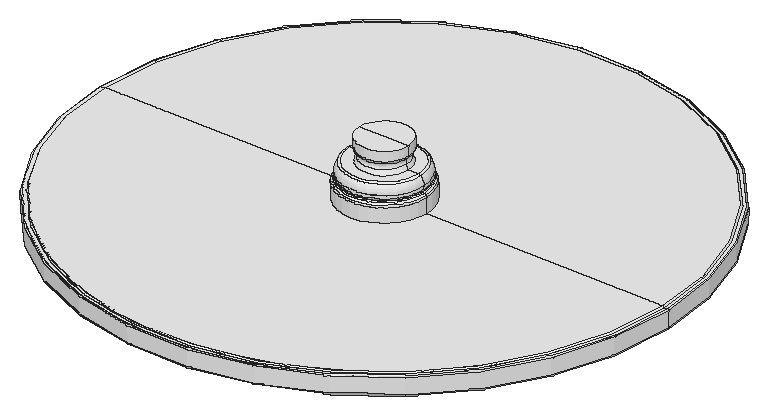
Revit family "Shower_Head-Grohe-Rainshower_Cosmopolitan_310-27478000", category Plumbing Fixtures, Revit 2014
Parameters
  cUPC Compliant = yes
  Width = 12 13/64"  # constant formula
  Waste Connection = no
  Warranty Documentation Link = "https://cdn.cloud.grohe.com/tpi/1000/1900/1940/1949/1949006/original/1949006.pdf"
  WFU = 4
  Vent Connection = no
  URL = "https://www.grohe.us/"
  Tempered Connection Radius = Tempered Connection Diameter / 2  # 1/4"
  Tempered Connection Diameter = Hot Water Connection Diameter  # 1/2"
  Product Page URL = "https://www.grohe.us/en_us/head-showers-shower-head-1-spray-27478000.html"
  Price = "Prices may vary. Please consult Manufacturer Representative for most up-to-date price list."  # constant formula
  Model = "27478000"
  Material = "Metal-Grohe-000-Chrome"
  Manufacturer = "Grohe"
  Hot Water Connection Radius = Hot Water Connection Diameter / 2  # 1/4"
  Hot Water Connection Diameter = Cold Water Connection Diameter  # 1/2"
  Height = 2 1/128"  # constant formula
  HWFU = 3
  HW Connection = yes
  Flow Rate = "2.0 gpm (7.6 L/min)"
  Finish = Metal-Grohe-000-Chrome
  Description = "Rainshower Cosmopolitan 310"  # constant formula
  Default Elevation = 0"
  Creation Date = "04/21/2017"  # constant formula
  Cold Water Connection Radius = Cold Water Connection Diameter / 2  # 1/4"
  Cold Water Connection Diameter = 1/2"  # constant formula
  CWFU = 3
  CW Connection = yes
  Assembly Code = "D2010710"
Reference planes (in)
  plane 1 "Center (Front/Back)": y = 0
  plane 2: z = 0
  plane 3 "Center (Left/Right)": x = 0
  plane 4: z = -2.00781
  plane 5: x = -6.10156
  plane 6: x = 6.10156
Forms (in)
  Revolve 1, solid, material "Metal-Grohe-000-Chrome" <- "Finish"
    sketch origin (0, 0, 0) x (1, 0, 0) y (0, 0, 1)
      loop
        line (0, 0) -> (-0.52362, 0) -> (-0.52362, -0.20081)
        arc (-0.52362, -0.20081) -> (-0.51928, -0.21847) -> (-0.50724, -0.23209) r 0.03804
        arc (-0.50724, -0.23209) -> (-0.46229, -0.29578) -> (-0.46898, -0.37345) r 0.11358
        line (-0.46898, -0.37345) -> (-0.51331, -0.4685) -> (-0.73877, -0.4685)
        arc (-0.73877, -0.4685) -> (-0.76306, -0.47392) -> (-0.78275, -0.48913) r 0.0572
        arc (-0.78275, -0.48913) -> (-0.83004, -0.57166) -> (-0.84646, -0.66535) r 0.27559
        line (-0.84646, -0.66535) -> (-0.84646, -0.73339)
        arc (-0.84646, -0.73339) -> (-0.83986, -0.74931) -> (-0.82394, -0.75591) r 0.02251
        line (-0.82394, -0.75591) -> (-0.70866, -0.75591) -> (-0.70866, -0.7874) -> (-0.82962, -0.7874)
        arc (-0.82962, -0.7874) -> (-0.84517, -0.7905) -> (-0.85836, -0.79931) r 0.04066
        line (-0.85836, -0.79931) -> (-0.89266, -0.8336)
        arc (-0.89266, -0.8336) -> (-0.90217, -0.84784) -> (-0.90551, -0.86464) r 0.04389
        line (-0.90551, -0.86464) -> (-0.90551, -1.16521) -> (-5.98017, -1.16521) -> (-6.00394, -1.18898) -> (-6.08152, -1.18898)
        arc (-6.08152, -1.18898) -> (-6.09567, -1.1949) -> (-6.10138, -1.20914) r 0.01986
        line (-6.10138, -1.20914) -> (-6.09611, -1.54631)
        arc (-6.09611, -1.54631) -> (-6.08982, -1.56101) -> (-6.07502, -1.56708) r 0.02109
        line (-6.07502, -1.56708) -> (-5.53932, -1.56708) -> (-5.53142, -1.71784)
        arc (-5.53142, -1.71784) -> (-5.5084, -1.77045) -> (-5.4564, -1.79481) r 0.08149
        arc (-5.4564, -1.79481) -> (-2.73028, -1.95454) -> (0, -2.00781) r 69.99363
        line (0, -2.00781) -> (0, 0)
      axis (0, 0) -> (0, -2.00781)
    angle from 0 to 360
Lines and regions (in)
  Masking region 1
    outline origin (0, 0, 0) x (1, 0, 0) y (0, 1, 0)
      loop
        circle (0, 0) r 6.11297
  symbolic lines, detail levels medium+fine
    curve 1: circle (0, 0, 0) r 0.51331 normal (0, 0, 1)
  symbolic lines, detail levels fine
    curve 2: circle (0, 0, 0) r 0.70866 normal (0, 0, 1)
    curve 3: circle (0, 0, 0) r 6.00394 normal (0, 0, 1)
    curve 4: circle (0, 0, 0) r 5.53932 normal (0, 0, 1)
Dimensions and locks (in)
  "Height": level to plane 4
  equal spacing: plane 6, plane 3 "Center (Left/Right)", plane 5
  "Width": plane 6 to plane 5
Automatic sketch dimensions
  Revolve 1 sketch curve to level = 0"
  Revolve 1 sketch curve to plane 3 "Center (Left/Right)" = 0"  (x2)
  Revolve 1 sketch curve to plane 4 = 0"
  Revolve 1 sketch curve to plane 3 "Center (Left/Right)" = 0.46898"
  Revolve 1 sketch curve to Revolve 1 sketch curve = 0.01659"
  Revolve 1 sketch curve to Revolve 1 sketch curve = 0.04432"
  Revolve 1 sketch curve to Revolve 1 sketch curve = 0.03804"
  Revolve 1 sketch curve to Revolve 1 sketch curve = 0.05756"
  Revolve 1 sketch curve to Revolve 1 sketch curve = 0.10294"
  Revolve 1 sketch curve to Revolve 1 sketch curve = 0.1378"
  Revolve 1 sketch curve to Revolve 1 sketch curve = 0.16685"
  Revolve 1 sketch curve to Revolve 1 sketch curve = 0.11528"
  Revolve 1 sketch curve to Revolve 1 sketch curve = 0.00567"
  Revolve 1 sketch curve to Revolve 1 sketch curve = 0.02251"
  Revolve 1 sketch curve to Revolve 1 sketch curve = 0.02875"  (x2)
  Revolve 1 sketch curve to Revolve 1 sketch curve = 0.032"
  Revolve 1 sketch curve to Revolve 1 sketch curve = 0.03104"
  Revolve 1 sketch curve to Revolve 1 sketch curve = 0.01286"
  plane 4 to Revolve 1 sketch curve = 0.29424"
  plane 5 to Revolve 1 sketch curve = 0.65152"
  Revolve 1 sketch curve to Revolve 1 sketch curve = 0.08138"
  Revolve 1 sketch curve to Revolve 1 sketch curve = 0.0079"
  plane 5 to Revolve 1 sketch curve = 0.12139"
  Revolve 1 sketch curve to Revolve 1 sketch curve = 0.02376"  (x2)
  plane 5 to Revolve 1 sketch curve = 0.02654"
  plane 5 to Revolve 1 sketch curve = 0.02004"
  plane 5 to Revolve 1 sketch curve = 0.00545"
  plane 5 to Revolve 1 sketch curve = 0.00019"
  Revolve 1 sketch curve to Revolve 1 sketch curve = 0.00426"
  Revolve 1 sketch curve to Revolve 1 sketch curve = 0.15076"
  Revolve 1 sketch curve to Revolve 1 sketch curve = 0.02076"
  Revolve 1 sketch curve to Revolve 1 sketch curve = 0.33717"
  Revolve 1 sketch curve to Revolve 1 sketch curve = 0.00031"
  Revolve 1 sketch curve to Revolve 1 sketch curve = 0.30057"
  Revolve 1 sketch curve to Revolve 1 sketch curve = 0.03658"
  Revolve 1 sketch curve to Revolve 1 sketch curve = 0.0315"
  Revolve 1 sketch curve to Revolve 1 sketch curve = 0.06804"
  Revolve 1 sketch curve to Revolve 1 sketch curve = 0.13965"
  Revolve 1 sketch curve to Revolve 1 sketch curve = 0.19685"
  Revolve 1 sketch curve to Revolve 1 sketch curve = 0.09505"
  Revolve 1 sketch curve to Revolve 1 sketch curve = 0.048"
  Revolve 1 sketch curve to Revolve 1 sketch curve = 0.12464"
  Revolve 1 sketch curve to Revolve 1 sketch curve = 67.98582"
  Revolve 1 sketch curve to Revolve 1 sketch curve = 1 1/4"
  Revolve 1 sketch curve to Revolve 1 sketch curve = 1"
  plane 1 "Center (Front/Back)" to Masking region 1 sketch curve = 0"
  Masking region 1 sketch curve to plane 3 "Center (Left/Right)" = 0"
  curve 1 to curve 2 = 0"  (x2)
  curve 1 to curve 3 = 0"  (x2)
  curve 1 to curve 4 = 0"  (x2)
  curve 2 to curve 3 = 0"  (x2)
  curve 2 to curve 4 = 0"  (x2)
  curve 3 to curve 4 = 0"  (x2)
  plane 1 "Center (Front/Back)" to curve 2 = 0"
  curve 2 to plane 3 "Center (Left/Right)" = 0"
  radius of Masking region 1 sketch curve = 6.11297"
  radius of curve 1 = 0.51331"
  radius of curve 2 = 0.70866"
  radius of curve 3 = 6.00394"
  radius of curve 4 = 5.53932"
Connectors (in)
  piping at (0, 0, 0), diameter 0.5, driven by "Tempered Connection Diameter"
    settings: on Revolve 1, index 1, connector inside diameter 24", connector length 0", flow factor 0, pipe flow 0 GPM, pressure drop 0.00 psi, fitting loss kfactor 0, connector angle 0.00°, fixture units 0, engagement length 0", angle of deflection 0.00°, flow configuration 0, flow direction 1, fitting loss method 0, system type 29, joint type 0, gender type 0, connector reference index -1, connector utility 0, adjustable connector no, is connector primary yes, connector description "1/2\" NPT Supply Inlet"
